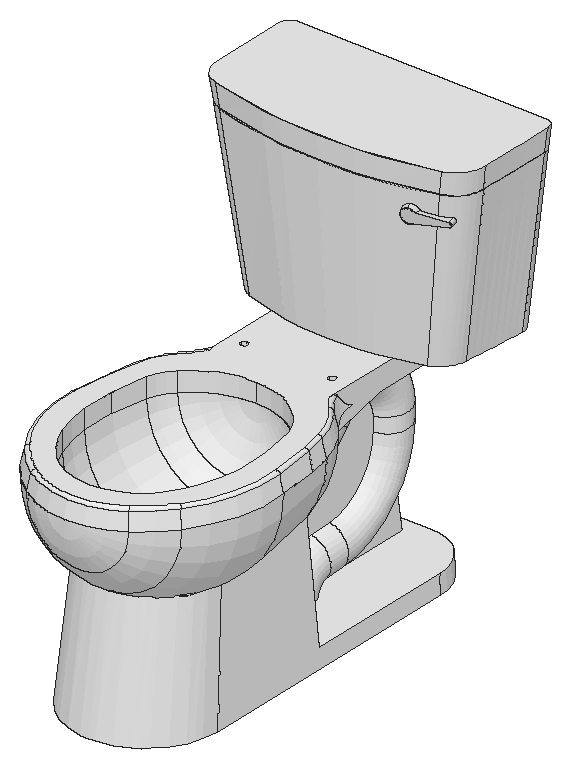
Revit family "Plumbing-Pressure-Assist-Water-Closet-Sloan-Valve-WETS-80098116_", category Plumbing Fixtures, host Face, Revit 2019 (continued)
Automatic sketch dimensions
  Extrusion 14 sketch curve to Extrusion 14 sketch curve = 3.98247"
  Extrusion 14 sketch curve to Extrusion 14 sketch curve = 0.39147"  (x2)
  Extrusion 14 sketch curve to Extrusion 14 sketch curve = 2.49844"
  Extrusion 14 sketch curve to Extrusion 14 sketch curve = 4.55398"
  Extrusion 14 sketch curve to Extrusion 14 sketch curve = 0.28975"  (x2)
  plane 7 to Extrusion 15 sketch curve = 15 3/4"
  Extrusion 15 sketch curve to Extrusion 15 sketch curve = 0.92653"
  Extrusion 15 sketch curve to plane 7 = 0.34835"
  Extrusion 15 sketch curve to Extrusion 15 sketch curve = 13 1/4"
  plane 7 to Revolve 16 sketch curve = 18.41431"
  Revolve 16 sketch curve to Revolve 16 sketch curve = 1.21427"
  Revolve 16 sketch curve to Revolve 16 sketch curve = 3.141"
  Revolve 16 sketch curve to Revolve 16 sketch curve = 0.55817"
  Revolve 16 sketch curve to Revolve 16 sketch curve = 4.78572"
  Revolve 16 sketch curve to Revolve 16 sketch curve = 1.12242"
  Revolve 16 sketch curve to Revolve 16 sketch curve = 1.54616"
  Revolve 16 sketch curve to Revolve 16 sketch curve = 1.91616"
  Revolve 16 sketch curve to Revolve 16 sketch curve = 0.22012"
  Revolve 16 sketch curve to Revolve 16 sketch curve = 2.15467"
  Revolve 16 sketch curve to Revolve 16 sketch curve = 4.85057"
  Revolve 16 sketch curve to Revolve 16 sketch curve = 4.53114"
  Revolve 16 sketch curve to Revolve 16 sketch curve = 0"  (x5)
  Revolve 16 sketch curve to Revolve 16 sketch curve = 2.34667"
  Revolve 16 sketch curve to Revolve 16 sketch curve = 1/2"
  Extrusion 17 sketch curve to Extrusion 17 sketch curve = 0"  (x12)
  plane 7 to Extrusion 17 sketch curve = 0"
  plane 7 to Extrusion 17 sketch curve = 6 1/128"  (x2)
  Extrusion 17 sketch curve to Extrusion 17 sketch curve = 1/4"
  Extrusion 17 sketch curve to Extrusion 17 sketch curve = 1/2"
  Extrusion 17 sketch curve to Extrusion 17 sketch curve = 1 3/4"  (x2)
  Extrusion 17 sketch curve to Extrusion 17 sketch curve = 8 3/8"
  Extrusion 17 sketch curve to Extrusion 17 sketch curve = 14 1/4"
  Extrusion 17 sketch curve to Extrusion 17 sketch curve = 1 1/4"
  Extrusion 17 sketch curve to plane 7 = 19.0791"
  plane 7 to Extrusion 18 sketch curve = 11 3/8"
  Extrusion 18 sketch curve to Extrusion 18 sketch curve = 6"
  Extrusion 18 sketch curve to Extrusion 18 sketch curve = 0"
  plane 11 to Blend 19 sketch curve = 23 1/2"
  Blend 19 sketch curve to Blend 19 sketch curve = 3 1/2"  (x2)
  Blend 19 sketch curve to Blend 19 sketch curve = 4 7/8"
  Blend 19 sketch curve to Blend 19 sketch curve = 2 3/4"
  plane 11 to Blend 19 sketch curve = 4 67/128"
  plane 11 to Blend 19 sketch curve = 22.25397"
  plane 11 to Blend 19 sketch curve = 1 3/128"
  Blend 19 sketch curve to Blend 19 sketch curve = 4 5/16"
  Blend 19 sketch curve to Blend 19 sketch curve = 1 5/8"
  plane 11 to Extrusion 20 sketch curve = 13.77953"
  Extrusion 20 sketch curve to Extrusion 20 sketch curve = 5.00662"
  Extrusion 20 sketch curve to Extrusion 20 sketch curve = 1.37144"
  Extrusion 20 sketch curve to Extrusion 20 sketch curve = 0.83072"
  plane 11 to Extrusion 20 sketch curve = 2.01421"
  plane 11 to Extrusion 20 sketch curve = 1.80632"
  Extrusion 20 sketch curve to Extrusion 20 sketch curve = 1.24829"
  Extrusion 20 sketch curve to Extrusion 20 sketch curve = 2.7937"
  plane 11 to Sweep 21 sketch curve = 16.44118"
  plane 11 to Sweep 21 sketch curve = 11 1/4"
  Sweep 21 sketch curve to Sweep 21 sketch curve = 1.57944"
  Sweep 21 sketch curve to Sweep 21 sketch curve = 1.66667"
  Sweep 21 sketch curve to Sweep 21 sketch curve = 1.22254"
  Sweep 21 sketch curve to Sweep 21 sketch curve = 1.50376"
  Sweep 21 sketch curve to Sweep 21 sketch curve = 2.37343"
  Sweep 21 sketch curve to Sweep 21 sketch curve = 3"
  Sweep 21 sketch curve to Sweep 21 sketch curve = 0.23912"
  Sweep 21 sketch curve to Sweep 21 sketch curve = 0.07881"
  Sweep 21 sketch curve to Sweep 21 sketch curve = 2.19457"
  Sweep 21 sketch curve to Sweep 21 sketch curve = 1.02691"
  Sweep 21 sketch curve to Sweep 21 sketch curve = 6.01869"
  Sweep 21 sketch curve to Sweep 21 sketch curve = 5.81653"
  Sweep 21 sketch curve to Sweep 21 sketch curve = 0.44425"
  Sweep 21 sketch curve to Sweep 21 sketch curve = 0"
  Sweep 21 sketch curve to Sweep 21 sketch curve = 1.19248"
  Sweep 21 sketch curve to profile plane = 0"  (x2)
  plane 11 to Extrusion 22 sketch curve = 25.07129"
  Extrusion 22 sketch curve to Extrusion 22 sketch curve = 6.25633"
  Extrusion 22 sketch curve to Extrusion 22 sketch curve = 0.50463"
  Extrusion 22 sketch curve to Extrusion 22 sketch curve = 7.2727"
  Extrusion 22 sketch curve to Extrusion 22 sketch curve = 1.99428"
  Extrusion 22 sketch curve to Extrusion 22 sketch curve = 1.03117"
  plane 11 to Extrusion 22 sketch curve = 2.02153"
  plane 11 to Extrusion 22 sketch curve = 1.93503"
  Extrusion 22 sketch curve to plane 11 = 12.09356"
  Extrusion 22 sketch curve to Extrusion 22 sketch curve = 3.6955"
  Extrusion 22 sketch curve to Extrusion 22 sketch curve = 5.768"
  Extrusion 22 sketch curve to Extrusion 22 sketch curve = 4 19/256"
  Extrusion 22 sketch curve to Extrusion 22 sketch curve = 4.71404"
  Extrusion 22 sketch curve to Extrusion 22 sketch curve = 3.46658"
  Extrusion 22 sketch curve to Extrusion 22 sketch curve = 0.2571"
  Extrusion 22 sketch curve to Extrusion 22 sketch curve = 0"
  plane 8 to Blend 23 sketch curve = 0.21467"
  plane 8 to Blend 23 sketch curve = 0.58558"
  plane 11 to Blend 23 sketch curve = 5/16"
  plane 8 to Blend 23 sketch curve = 0.96182"
  Blend 23 sketch curve to Blend 23 sketch curve = 1.99239"
  plane 8 to Blend 23 sketch curve = 7 15/16"
  plane 9 to Blend 23 sketch curve = 2.57797"
  plane 9 to Blend 23 sketch curve = 0.96182"
  plane 9 to Blend 23 sketch curve = 0.58558"
  plane 9 to Blend 23 sketch curve = 0.21467"
  Blend 23 sketch curve to Blend 23 sketch curve = 3/4"  (x2)
  Blend 23 sketch curve to Blend 23 sketch curve = 4.13053"  (x2)
  Blend 23 sketch curve to Blend 23 sketch curve = 0.17431"  (x2)
  Blend 23 sketch curve to plane 11 = 9.28691"
  Blend 23 sketch curve to Blend 23 sketch curve = 0"  (x2)
  plane 11 to Blend 23 sketch curve = 0"
  plane 11 to Blend 23 sketch curve = 6 1/128"  (x2)
  plane 11 to Blend 23 sketch curve = 3/4"  (x2)
  Blend 23 sketch curve to Blend 23 sketch curve = 2"
  Blend 23 sketch curve to Blend 23 sketch curve = 8 3/8"
  Blend 23 sketch curve to Blend 23 sketch curve = 14 1/4"
  Blend 23 sketch curve to Blend 23 sketch curve = 1 1/4"
  Blend 23 sketch curve to plane 11 = 19.0791"
  plane 11 to Revolve 24 sketch curve = 18.41431"
  Revolve 24 sketch curve to Revolve 24 sketch curve = 0.38226"
  Revolve 24 sketch curve to Revolve 24 sketch curve = 213/256"
  Revolve 24 sketch curve to Revolve 24 sketch curve = 0"  (x10)
  Revolve 24 sketch curve to Revolve 24 sketch curve = 1.55117"
  Revolve 24 sketch curve to Revolve 24 sketch curve = 0.52667"
  Revolve 24 sketch curve to Revolve 24 sketch curve = 1.06316"
  Revolve 24 sketch curve to Revolve 24 sketch curve = 0.55817"
  Revolve 24 sketch curve to Revolve 24 sketch curve = 4.78572"
  Revolve 24 sketch curve to Revolve 24 sketch curve = 17.76248"
  Revolve 24 sketch curve to Revolve 24 sketch curve = 1.12242"
  Revolve 24 sketch curve to Revolve 24 sketch curve = 1.54616"
  Revolve 24 sketch curve to Revolve 24 sketch curve = 1.91616"
  Revolve 24 sketch curve to Revolve 24 sketch curve = 0.22012"
  Revolve 24 sketch curve to Revolve 24 sketch curve = 0.002"
  Revolve 24 sketch curve to Revolve 24 sketch curve = 0.38996"
  Revolve 24 sketch curve to Revolve 24 sketch curve = 2.4971"
  Revolve 24 sketch curve to Revolve 24 sketch curve = 1.76271"
  Revolve 24 sketch curve to Revolve 24 sketch curve = 0.46147"
  Revolve 24 sketch curve to Revolve 24 sketch curve = 1.76813"
  Revolve 24 sketch curve to Revolve 24 sketch curve = 2.37097"
  Revolve 24 sketch curve to Revolve 24 sketch curve = 1.94676"
  Revolve 24 sketch curve to Revolve 24 sketch curve = 0.65231"
  Revolve 24 sketch curve to Revolve 24 sketch curve = 3.62883"
  Revolve 24 sketch curve to Revolve 24 sketch curve = 2.41279"
  Revolve 24 sketch curve to Revolve 24 sketch curve = 0.18389"
  Revolve 24 sketch curve to Revolve 24 sketch curve = 1/2"
  Extrusion 25 sketch curve to Extrusion 25 sketch curve = 0.67182"
  Extrusion 25 sketch curve to Extrusion 25 sketch curve = 1.77234"
  Extrusion 25 sketch curve to Extrusion 25 sketch curve = 1.545"  (x2)
  Extrusion 25 sketch curve to Extrusion 25 sketch curve = 93/128"
  Extrusion 25 sketch curve to Extrusion 25 sketch curve = 0.40828"
  Extrusion 25 sketch curve to Extrusion 25 sketch curve = 2.54228"
  Extrusion 25 sketch curve to Extrusion 25 sketch curve = 2.74948"
  Blend 26 sketch curve to Blend 26 sketch curve = 0.99706"
  Blend 26 sketch curve to Blend 26 sketch curve = 0.24541"
  Blend 26 sketch curve to Blend 26 sketch curve = 1 13/16"
  Blend 26 sketch curve to Blend 26 sketch curve = 0.37271"
  Blend 27 sketch curve to Blend 27 sketch curve = 1 13/16"  (x2)
  Blend 27 sketch curve to Blend 27 sketch curve = 0.37271"
  Blend 27 sketch curve to Blend 27 sketch curve = 1.15396"
  plane 11 to Sweep 28 sketch curve = 26.57715"
  Sweep 28 sketch curve to Sweep 28 sketch curve = 9.12902"
  Sweep 28 sketch curve to Sweep 28 sketch curve = 0.84594"
  Sweep 28 sketch curve to Sweep 28 sketch curve = 3.46596"
  Sweep 28 sketch curve to Sweep 28 sketch curve = 1.9345"
  Sweep 28 sketch curve to Sweep 28 sketch curve = 0.18533"
  Sweep 28 sketch curve to Sweep 28 sketch curve = 1.3913"
  Sweep 28 sketch curve to Sweep 28 sketch curve = 1.1687"
  Sweep 28 sketch curve to Sweep 28 sketch curve = 3.42714"
  Sweep 28 sketch curve to Sweep 28 sketch curve = 1.86098"
  Sweep 28 sketch curve to Sweep 28 sketch curve = 1.34254"
  Sweep 28 sketch curve to Sweep 28 sketch curve = 1.96082"
  Sweep 28 sketch curve to Sweep 28 sketch curve = 0"  (x3)
  Sweep 28 sketch curve to Sweep 28 sketch curve = 2.59819"
  Sweep 28 sketch curve to profile plane = 0"
  Sweep 28 sketch curve to profile plane = 0.99706"  (x2)
  Sweep 29 sketch curve to Sweep 29 sketch curve = 0"  (x10)
  Sweep 29 sketch curve to plane 10 = 0"  (x4)
  plane 10 to Sweep 29 sketch curve = 5.70094"  (x2)
  plane 11 to Sweep 29 sketch curve = 10.88962"
  Sweep 29 sketch curve to Sweep 29 sketch curve = 18.15103"  (x2)
  Sweep 29 sketch curve to Sweep 29 sketch curve = 4"  (x2)
  Sweep 29 sketch curve to Sweep 29 sketch curve = 2.01849"
  Sweep 29 sketch curve to Sweep 29 sketch curve = 0.52667"  (x2)
  Sweep 29 sketch curve to Sweep 29 sketch curve = 1.24583"
  Sweep 29 sketch curve to Sweep 29 sketch curve = 1.55117"  (x2)
  Sweep 29 sketch curve to Sweep 29 sketch curve = 1.66402"
  Sweep 29 sketch curve to Sweep 29 sketch curve = 3.26432"
  plane 10 to Sweep 29 sketch curve = 4.99179"
  Sweep 29 sketch curve to Sweep 29 sketch curve = 2.22418"
  Sweep 29 sketch curve to Sweep 29 sketch curve = 0.38996"  (x2)
  Sweep 29 sketch curve to Sweep 29 sketch curve = 3.913"
  Sweep 29 sketch curve to Sweep 29 sketch curve = 6.87238"
  Sweep 29 sketch curve to Sweep 29 sketch curve = 5.26793"
  Sweep 29 sketch curve to Sweep 29 sketch curve = 0.29604"  (x2)
  Sweep 29 sketch curve to Sweep 29 sketch curve = 4.31887"  (x2)
  Sweep 29 sketch curve to profile plane = 0"
  Sweep 29 sketch curve to profile plane = 0.25828"
  Sweep 29 sketch curve to Sweep 29 sketch curve = 0.24359"
  Sweep 29 sketch curve to profile plane = 0.71616"
  profile plane to Sweep 29 sketch curve = 14 3/16"
  Sweep 29 sketch curve to Sweep 29 sketch curve = 1 1/16"
  Sweep 29 sketch curve to Sweep 29 sketch curve = 0.05624"
  Extrusion 30 sketch curve to Extrusion 30 sketch curve = 0"  (x18)
  plane 11 to Extrusion 30 sketch curve = 21.08289"
  Extrusion 30 sketch curve to Extrusion 30 sketch curve = 4.78572"  (x2)
  Extrusion 30 sketch curve to Extrusion 30 sketch curve = 0.55817"  (x2)
  Extrusion 30 sketch curve to Extrusion 30 sketch curve = 1.92673"  (x2)
  Extrusion 30 sketch curve to Extrusion 30 sketch curve = 3.141"
  Extrusion 30 sketch curve to Extrusion 30 sketch curve = 1.21427"  (x2)
  Extrusion 30 sketch curve to Extrusion 30 sketch curve = 0.37"  (x2)
  Extrusion 30 sketch curve to Extrusion 30 sketch curve = 0.22012"  (x2)
  Extrusion 30 sketch curve to Extrusion 30 sketch curve = 2.15467"
  Extrusion 30 sketch curve to Extrusion 30 sketch curve = 2.13627"
  Extrusion 30 sketch curve to Extrusion 30 sketch curve = 1.12242"  (x2)
  Extrusion 30 sketch curve to Extrusion 30 sketch curve = 1.58443"
  Extrusion 30 sketch curve to Extrusion 30 sketch curve = 1.57431"  (x2)
  Extrusion 31 sketch curve to Extrusion 31 sketch curve = 0"  (x13)
  plane 11 to Extrusion 31 sketch curve = 23.57999"  (x2)
  plane 11 to Extrusion 31 sketch curve = 10.88962"
  Extrusion 31 sketch curve to Extrusion 31 sketch curve = 18.15103"  (x2)
  Extrusion 31 sketch curve to Extrusion 31 sketch curve = 4"  (x2)
  Extrusion 31 sketch curve to Extrusion 31 sketch curve = 2.01849"
  Extrusion 31 sketch curve to Extrusion 31 sketch curve = 0.52667"  (x2)
  Extrusion 31 sketch curve to Extrusion 31 sketch curve = 1.24583"
  Extrusion 31 sketch curve to Extrusion 31 sketch curve = 1.55117"  (x2)
  Extrusion 31 sketch curve to Extrusion 31 sketch curve = 1.66402"
  Extrusion 31 sketch curve to Extrusion 31 sketch curve = 3.26432"
  Extrusion 31 sketch curve to Extrusion 31 sketch curve = 13.39952"
  Extrusion 31 sketch curve to Extrusion 31 sketch curve = 2.22418"  (x2)
  Extrusion 31 sketch curve to Extrusion 31 sketch curve = 0.38996"  (x2)
  Extrusion 31 sketch curve to Extrusion 31 sketch curve = 3.913"
  Extrusion 31 sketch curve to Extrusion 31 sketch curve = 3.98247"
  Extrusion 31 sketch curve to Extrusion 31 sketch curve = 0.39147"  (x2)
  Extrusion 31 sketch curve to Extrusion 31 sketch curve = 2.49844"
  Extrusion 31 sketch curve to Extrusion 31 sketch curve = 4.55398"
  Extrusion 31 sketch curve to Extrusion 31 sketch curve = 0.28975"  (x2)
  plane 11 to Extrusion 32 sketch curve = 15 3/4"
  Extrusion 32 sketch curve to Extrusion 32 sketch curve = 0.92653"
  Extrusion 32 sketch curve to plane 11 = 0.34835"
  Extrusion 32 sketch curve to Extrusion 32 sketch curve = 13 1/4"
  plane 11 to Revolve 33 sketch curve = 18.41431"
  Revolve 33 sketch curve to Revolve 33 sketch curve = 1.21427"
  Revolve 33 sketch curve to Revolve 33 sketch curve = 3.141"
  Revolve 33 sketch curve to Revolve 33 sketch curve = 0.55817"
  Revolve 33 sketch curve to Revolve 33 sketch curve = 4.78572"
  Revolve 33 sketch curve to Revolve 33 sketch curve = 1.12242"
  Revolve 33 sketch curve to Revolve 33 sketch curve = 1.54616"
  Revolve 33 sketch curve to Revolve 33 sketch curve = 1.91616"
  Revolve 33 sketch curve to Revolve 33 sketch curve = 0.22012"
  Revolve 33 sketch curve to Revolve 33 sketch curve = 2.15467"
  Revolve 33 sketch curve to Revolve 33 sketch curve = 4.85057"
  Revolve 33 sketch curve to Revolve 33 sketch curve = 4.53114"
  Revolve 33 sketch curve to Revolve 33 sketch curve = 0"  (x5)
  Revolve 33 sketch curve to Revolve 33 sketch curve = 2.34667"
  Revolve 33 sketch curve to Revolve 33 sketch curve = 1/2"
  Extrusion 34 sketch curve to Extrusion 34 sketch curve = 0"  (x12)
  plane 11 to Extrusion 34 sketch curve = 0"
  plane 11 to Extrusion 34 sketch curve = 6 1/128"  (x2)
  Extrusion 34 sketch curve to Extrusion 34 sketch curve = 1/4"
  Extrusion 34 sketch curve to Extrusion 34 sketch curve = 1/2"
  Extrusion 34 sketch curve to Extrusion 34 sketch curve = 1 3/4"  (x2)
  Extrusion 34 sketch curve to Extrusion 34 sketch curve = 8 3/8"
  Extrusion 34 sketch curve to Extrusion 34 sketch curve = 14 1/4"
  Extrusion 34 sketch curve to Extrusion 34 sketch curve = 1 1/4"
  Extrusion 34 sketch curve to plane 11 = 19.0791"
  plane 11 to Extrusion 35 sketch curve = 11 3/8"
  Extrusion 35 sketch curve to Extrusion 35 sketch curve = 6"
  Extrusion 35 sketch curve to Extrusion 35 sketch curve = 0"
  Extrusion 36 sketch curve to Extrusion 36 sketch curve = 2.41998"
  Extrusion 36 sketch curve to Extrusion 36 sketch curve = 0.01099"
  Extrusion 36 sketch curve to Extrusion 36 sketch curve = 0.0192"
  Extrusion 36 sketch curve to Extrusion 36 sketch curve = 0.29949"
  Extrusion 36 sketch curve to Extrusion 36 sketch curve = 0.15636"
  Extrusion 36 sketch curve to Extrusion 36 sketch curve = 0.78299"
  Revolve 37 sketch curve to Revolve 37 sketch curve = 0.48262"
  Revolve 37 sketch curve to Revolve 37 sketch curve = 1/2"
  Revolve 37 sketch curve to Revolve 37 sketch curve = 0.15681"
  Revolve 37 sketch curve to Revolve 37 sketch curve = 0.02676"
  Revolve 37 sketch curve to Revolve 37 sketch curve = 0.66246"
  Revolve 37 sketch curve to Revolve 37 sketch curve = 0"  (x2)
  Revolve 37 sketch curve to Revolve 37 sketch curve = 0.11261"
  Extrusion 38 sketch curve to Extrusion 38 sketch curve = 2.41998"
  Extrusion 38 sketch curve to Extrusion 38 sketch curve = 0.01099"
  Extrusion 38 sketch curve to Extrusion 38 sketch curve = 0.0192"
  Extrusion 38 sketch curve to Extrusion 38 sketch curve = 0.29949"
  Extrusion 38 sketch curve to Extrusion 38 sketch curve = 0.15636"
  Extrusion 38 sketch curve to Extrusion 38 sketch curve = 0.78299"
  Revolve 39 sketch curve to Revolve 39 sketch curve = 0.48262"
  Revolve 39 sketch curve to Revolve 39 sketch curve = 1/2"
  Revolve 39 sketch curve to Revolve 39 sketch curve = 0.15681"
  Revolve 39 sketch curve to Revolve 39 sketch curve = 0.02676"
  Revolve 39 sketch curve to Revolve 39 sketch curve = 0.66246"
  Revolve 39 sketch curve to Revolve 39 sketch curve = 0"  (x2)
  Revolve 39 sketch curve to Revolve 39 sketch curve = 0.11261"
  radius of Sweep 3 sketch curve = 1 1/2"
  radius of Extrusion 18 sketch curve = 1/4"  (x2)
  radius of Sweep 21 sketch curve = 1 1/2"
  radius of Extrusion 35 sketch curve = 1/4"  (x2)
Connectors
  piping at (-152.4, 0, 254), diameter 12.7, driven by "CWFU", driven by "Cold Water Connection Diameter", driven by "Cold Water Connector Description", driven by "Valve Pressure Drop"
    settings: on Extrusion 5, index 3, connector inside diameter 1/2", connector length 0", flow factor 0, pipe flow 0 GPM, pressure drop 0.00 psi, fitting loss kfactor 0, connector angle 0.00°, fixture units 10, engagement length 0", angle of deflection 0.00°, flow configuration 3, flow direction 1, fitting loss method 4, system type 20, joint type 0, gender type 0, connector reference index -1, connector utility 0, adjustable connector no, is connector primary yes, connector description "Cold Water Connector d1/2\""
  piping at (0, -304.8, 0), diameter 53.975, driven by "Sanitary Drain Connection Diameter", driven by "Sanitary Drain Connector Description", driven by "WFU"
    settings: on Sweep 3, index 4, connector inside diameter 24", connector length 0", flow factor 0, pipe flow 0 GPM, pressure drop 0.00 psi, fitting loss kfactor 0, connector angle 0.00°, fixture units 10, engagement length 0", angle of deflection 0.00°, flow configuration 3, flow direction 2, fitting loss method 0, system type 16, joint type 0, gender type 0, connector reference index -1, connector utility 0, adjustable connector no, is connector primary no, connector description "Sanitary Drain Connector d2 1/8\""
Types (4): name | Water Closet Code | Product Material | Part Number | Model | Description
  (no name) | "2108009" | Sloan Valve - Vitreous China - White | "WETS-8009.8116" | "WETS-8009.8116" | "Floor-Mounted 1.0 gpf (3.8 Lpf) 12\" Rough-in Pressure-Assisted/Tank Toilet."
  WETS-8009.8116 | "2108009" | Sloan Valve - Vitreous China - White | "WETS-8009.8116" | "WETS-8009.8116" | "Floor-Mounted 1.0 gpf (3.8 Lpf) 12\" Rough-in Pressure-Assisted/Tank Toilet."
  WETS-8009.8116-BAA | "2108009" | Sloan Valve - Vitreous China - White | "80098116" | "WETS-8009.8116-BAA" | "Floor-Mounted 1.0 gpf (3.8 Lpf) 12\" Rough-in Pressure-Assisted/Tank Toilet."
  WETS-8009.8116-STG | "2178009" | Sloan Valve - Vitreous China - SloanTec Glaze White | "WETS-8009.8116-STG" | "WETS-8009.8116-STG" | "Floor-Mounted 1.0 gpf (3.8 Lpf) 12\" Rough-in Pressure-Assisted/Tank Toilet with SloanTec® Glaze."
